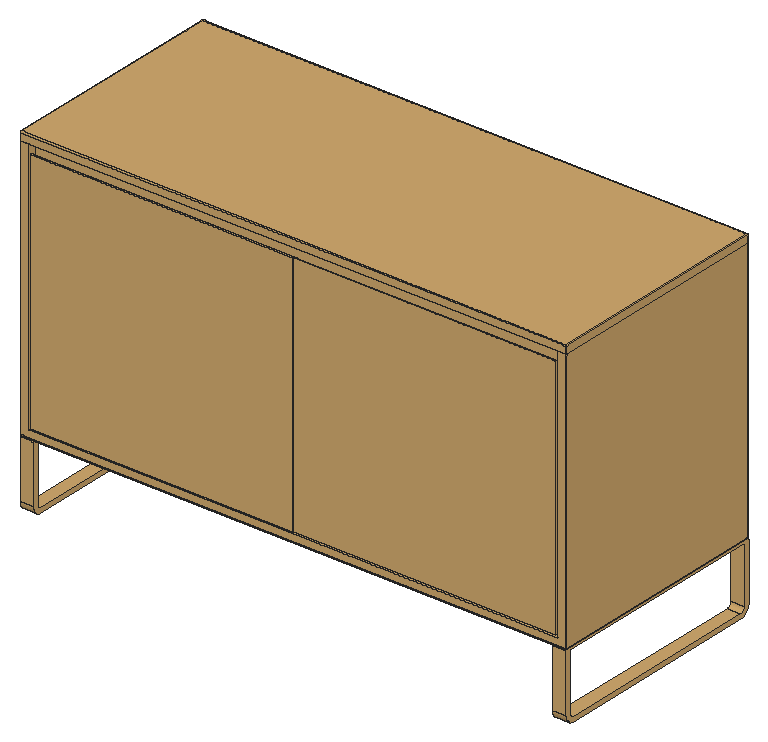
Revit family "NAU_Naughtone_OffcStrg_Sideboard", category Furniture, Revit 2015
Parameters (values of type "SB12")
  WorksurfaceArea = NominalLength * NominalWidth  # 0.60 m²
  WarrantyStartDate [instance] = "1900-12-31T23:59:59"
  WarrantyGuarantorParts = "sales@naughtone.com"
  WarrantyGuarantorLabor = "sales@naughtone.com"
  WarrantyDurationUnit = "year"
  WarrantyDurationParts = "5"
  WarrantyDurationLabor = "5"
  WarrantyDescription = "Request warranty information from naughtone"
  Version = "1"
  Uniclass2015Version = "Products v1.10"
  Uniclass2015Title = "Sideboards"
  Uniclass2015Code = "Pr_40_30_78_81"
  Uniclass2 = "n/a"
  URL = "www.naughtone.com"
  Type Comments = "Sideboard"
  TopMaterial [instance] = Metal-Paint_Finish-Matte_Orange
  TagNumber [instance] = "n/a"
  SustainabilityPerformance = "n/a"
  Style = "n/a"  # constant formula
  Sled Leg 1200mm = yes
  Sled Leg = no
  Size = "1200 x 500 x 750mm"
  Shape = "Rectangular"
  SerialNumber [instance] = "n/a"
  Revision = "1"
  ReplacementCost = "n/a"
  ProductInformation = "www.naughtone.com/products/sideboard/"
  NumberOfChairs = 0
  NominalWidth = 500 mm
  NominalLength = 1200 mm
  NominalHeight = 750 mm
  Name = "OfficeStorage_Sideboard_Naughtone\r\n"  # constant formula
  NBSTypeID = "n/a"
  NBSReference = "45-35-80/360"
  NBSOfficeMasterTag = "n/a"
  NBSDescription = "Office storage"
  ModelReference = "Sideboard 1200"
  ModelNumber = "SB12"
  Material = "n/a"
  ManufacturerURL = "www.naughtone.com"
  ManufacturerName = "Naughtone"  # constant formula
  ManufacturerAddress = "Knaresborough Tech Park, Manse Lane, Knaresborough, HG5 8LF"
  MainColor = Color  # "n/a"
  LegMaterial [instance] = Metal-Paint_Finish-Matte_Orange
  Keynote = Uniclass2015Code  # "Pr_40_30_78_81"
  InstallationDate [instance] = "1900-12-31T23:59:59"
  IfcExportType = "SIDEBOARD"
  IfcExportAs = "IfcFurnishingElementType"
  HasOpenDoors [instance] = no
  Model = ModelNumber  # "SB12"
  Manufacturer = "sales@naughtone.com"
  Grade = "n/a"
  Finish = "n/a"
  Features = "n/a"
  ExpectedLife = "n/a"
  DurationUnit = "year"
  DoorCtrl [instance] = if(HasOpenDoors, 30.00°, 0.00°)  # 0.00°
  Description = ModelReference  # "Sideboard 1200"
  Cost = 0
  ContactTelephoneNumber = "+44 1423 816500"
  ContactEmailAddress = "sales@naughtone.com"
  Constituents = "n/a"
  Color = "n/a"
  CodePerformance = "n/a"
  Category = "Pr_40_30_78_81 : Sideboards"
  CarcassMaterial [instance] = Metal-Paint_Finish-Matte_Orange
  Door 2000mm = no
  Hinge Frame 2000mm = no
  Hinge Frame 1600mm = no
  Door 1600mm = no
  Door 1200mm = yes
  BarCode [instance] = "n/a"
  BIMObjectName = "NAU_Naughtone_OfficeStorage_Sideboard"
  Author = "BIMBox"  # constant formula
  AssetType = "Movable"
  AssetIdentifier [instance] = "n/a"
  Assembly Code = "E2020200"
  Additional Materials = "Additional material and finish options available. Please contact Naughtone direct for further information."  # constant formula
  AccessibilityPerformance = "n/a"
Types (3, lengths in mm): name | WorksurfaceArea | Sled Leg 1200mm | Sled Leg | Size | NominalLength | ModelReference | ModelNumber | Model | Description | Door 2000mm | Hinge Frame 2000mm | Hinge Frame 1600mm | Door 1600mm | Door 1200mm
  SB20 | 1.00 m² | no | yes | "2000 x 500 x 750mm" | 2000 | "Sideboard 2000" | "SB20" | "SB20" | "Sideboard 2000" | yes | yes | no | no | no
  SB16 | 0.80 m² | no | yes | "1600 x 500 x 750mm" | 1600 | "Sideboard 1600" | "SB16" | "SB16" | "Sideboard 1600" | no | no | yes | yes | no
  SB12 | 0.60 m² | yes | no | "1200 x 500 x 750mm" | 1200 | "Sideboard 1200" | "SB12" | "SB12" | "Sideboard 1200" | no | no | no | no | yes
Reference planes
  plane 1 "Center (Front/Back)": y = 0
  plane 2: z = 0
  plane 3 "Center (Left/Right)": x = 0
  plane 4 "Left Side": x = -600
  plane 5 "Right Side": x = 600
  plane 6: y = 250
  plane 7 "Front Face": y = -250
  plane 8: z = 750
  plane 9 "Base of Unit": z = 150
  plane 10 "Left Leg": x = -570
  plane 11 "Leg Right": x = 570
  plane 12 "Centre Leg Left": x = -15
  plane 13 "Centre Leg Right": x = 15
  plane 14: z = 732
  plane 15: y = 232
  plane 16: y = -232
  plane 17: y = -214
  plane 18 "fRAME RIGHT": x = 582
  plane 19: x = 0
  plane 20 "Straight leg right": x = 525
  plane 21 "straight leg left": x = -525
  plane 22 "Straight leg back": y = 175
  plane 23 "Straight leg front": y = -175
Forms (mm)
  Extrusion 1, solid, material "Metal-Paint_Finish-Matte_Orange" <- "CarcassMaterial"
    sketch origin (0, 0, 150) x (-1, 0, 0) y (0, -1, 0)
      loop
        arc (598, -250) -> (599.414, -249.414) -> (600, -248) r 2
        line (600, -248) -> (600, 248)
        arc (600, 248) -> (599.414, 249.414) -> (598, 250) r 2
        line (598, 250) -> (-598, 250)
        arc (-598, 250) -> (-599.414, 249.414) -> (-600, 248) r 2
        line (-600, 248) -> (-600, -248)
        arc (-600, -248) -> (-599.414, -249.414) -> (-598, -250) r 2
        line (-598, -250) -> (598, -250)
    from 0 to 582
  Extrusion 2, solid, material "Metal-Paint_Finish-Matte_Orange" <- "CarcassMaterial", visible <- "Hinge Frame 2000mm"
    sketch origin (0, -250, 0) x (-1, 0, 0) y (0, 0, 1)
      loop
        line (9, 168) -> (9, 696) -> (-9, 696) -> (-9, 168) -> (9, 168)
    from 18 to 482
  Extrusion 3, solid, material "Metal-Paint_Finish-Matte_Orange" <- "TopMaterial"
    sketch origin (0, 0, 326) x (-1, 0, 0) y (0, -1, 0)
      loop
        arc (598, -250) -> (599.414, -249.414) -> (600, -248) r 2
        line (600, -248) -> (600, 248)
        arc (600, 248) -> (599.414, 249.414) -> (598, 250) r 2
        line (598, 250) -> (-598, 250)
        arc (-598, 250) -> (-599.414, 249.414) -> (-600, 248) r 2
        line (-600, 248) -> (-600, -248)
        arc (-600, -248) -> (-599.414, -249.414) -> (-598, -250) r 2
        line (-598, -250) -> (598, -250)
    from 406 to 424
  Extrusion 4, solid, material "Metal-Paint_Finish-Matte_Orange" <- "CarcassMaterial"
    sketch origin (0, -250, 0) x (-1, 0, 0) y (0, 0, 1)
      loop
        line (582, 732) -> (-582, 732) -> (-582, 696) -> (582, 696) -> (582, 732)
    from 18 to 36
  Extrusion 5, void
    sketch origin (0, -250, 0) x (-1, 0, 0) y (0, 0, 1)
      loop
        line (582, 168) -> (582, 732) -> (-582, 732) -> (-582, 168) -> (582, 168)
    from 0 to 482
  Extrusion 6, solid, material "Metal-Paint_Finish-Matte_Orange" <- "CarcassMaterial", visible <- "Hinge Frame 1600mm"
    sketch origin (0, -250, 0) x (-1, 0, 0) y (0, 0, 1)
      loop
        line (9, 696) -> (-9, 696) -> (-9, 168) -> (9, 168) -> (9, 696)
    from 18 to 482
  Extrusion 7, void
    sketch origin (0, -250, 0) x (-1, 0, 0) y (0, 0, 1)
      loop
        line (-600, 750) -> (-600, 748)
        arc (-600, 748) -> (-599.414, 749.414) -> (-598, 750) r 2
        line (-598, 750) -> (-600, 750)
    from 0 to 500
  Extrusion 8, void
    sketch origin (-600, 0, 0) x (0, 1, 0) y (0, 0, 1)
      loop
        arc (-250, 748) -> (-249.414, 749.414) -> (-248, 750) r 2
        line (-248, 750) -> (-250, 750) -> (-250, 748)
    from -19.734 to 2000
  Extrusion 9, void
    sketch origin (0, -250, 0) x (-1, 0, 0) y (0, 0, 1)
      loop
        line (-600, 150) -> (-598, 150)
        arc (-598, 150) -> (-599.414, 150.586) -> (-600, 152) r 2
        line (-600, 152) -> (-600, 150)
    from -36.248 to 525.248
  Extrusion 10, void
    sketch origin (0, -250, 0) x (-1, 0, 0) y (0, 0, 1)
      loop
        line (600, 150) -> (600, 152)
        arc (600, 152) -> (599.414, 150.586) -> (598, 150) r 2
        line (598, 150) -> (600, 150)
    from -17.365 to 511.974
  Extrusion 11, void
    sketch origin (0, -250, 0) x (-1, 0, 0) y (0, 0, 1)
      loop
        line (600, 750) -> (598, 750)
        arc (598, 750) -> (599.414, 749.414) -> (600, 748) r 2
        line (600, 748) -> (600, 750)
    from -17.108 to 517.467
  Extrusion 12, void
    sketch origin (-600, 0, 0) x (0, 1, 0) y (0, 0, 1)
      loop
        line (250, 748) -> (250, 750) -> (248, 750)
        arc (248, 750) -> (249.414, 749.414) -> (250, 748) r 2
    from -30.55 to 2013.534
  Extrusion 13, void
    sketch origin (-600, 0, 0) x (0, 1, 0) y (0, 0, 1)
      loop
        arc (-248, 150) -> (-249.414, 150.586) -> (-250, 152) r 2
        line (-250, 152) -> (-250, 150) -> (-248, 150)
    from -32.041 to 2030.241
  Extrusion 14, void
    sketch origin (-600, 0, 0) x (0, 1, 0) y (0, 0, 1)
      loop
        line (250, 150) -> (250, 152)
        arc (250, 152) -> (249.414, 150.586) -> (248, 150) r 2
        line (248, 150) -> (250, 150)
    from 0 to 2000
  Extrusion 15, void
    sketch origin (-1970, -250, 0) x (1, 0, 0) y (0, 0, -1)
      loop
        line (1400, -150) -> (1400, -148)
        arc (1400, -148) -> (1399.414, -149.414) -> (1398, -150) r 2
        line (1398, -150) -> (1400, -150)
    from 0 to 500
Cuts and joins
  Extrusion 5, Extrusion 9, Extrusion 10, Extrusion 13, Extrusion 14 cuts Extrusion 1
  Extrusion 13, Extrusion 14 cuts Extrusion 4
  joined: Extrusion 1, Extrusion 4
  Extrusion 7, Extrusion 8, Extrusion 11, Extrusion 12 cuts Extrusion 3
Dimensions and locks
  equal spacing: plane 4 "Left Side", plane 3 "Center (Left/Right)", plane 5 "Right Side"
  "NominalLength": plane 4 "Left Side" to plane 5 "Right Side"
  equal spacing: plane 6, plane 1 "Center (Front/Back)", plane 7 "Front Face"
  "NominalWidth": plane 6 to plane 7 "Front Face"
  plane 8 to level = 750 mm
  locked: plane 9 "Base of Unit" to level at 150
  locked: plane 5 "Right Side" to plane 11 "Leg Right" at 30
  locked: plane 10 "Left Leg" to plane 4 "Left Side" at 30
  equal spacing: plane 12 "Centre Leg Left", plane 3 "Center (Left/Right)", plane 13 "Centre Leg Right"
  locked: plane 8 to plane 14 at 18
  locked: plane 6 to plane 15 at 18
  locked: plane 16 to plane 7 "Front Face" at 18
  Extrusion 3 to Extrusion 4 sketch curve = 36 mm
  Extrusion 3 to Extrusion 4 = 36 mm
  locked: plane 18 "fRAME RIGHT" to plane 5 "Right Side" at 18
  locked: plane 5 "Right Side" to Extrusion 4 at 18
  locked: Extrusion 5 sketch curve to plane 4 "Left Side" at 18
  locked: plane 23 "Straight leg front" to plane 7 "Front Face" at 75
  locked: plane 20 "Straight leg right" to plane 5 "Right Side" at 75
  locked: plane 6 to plane 22 "Straight leg back" at 75
  locked: plane 4 "Left Side" to plane 21 "straight leg left" at 75
  equal spacing: plane 4 "Left Side", plane 19, plane 5 "Right Side"
  aligned and locked: level to plane 2
  aligned and locked: Extrusion 1 sketch curve to plane 6
  aligned and locked: plane 4 "Left Side" to Extrusion 1 sketch curve
  aligned and locked: plane 7 "Front Face" to Extrusion 1 sketch curve
  aligned and locked: Extrusion 1 sketch curve to plane 5 "Right Side"
  aligned and locked: plane 8 to Extrusion 3
  aligned and locked: Extrusion 3 to plane 14
  aligned and locked: plane 15 to Extrusion 2
  aligned and locked: Extrusion 2 to plane 16
  aligned and locked: Extrusion 4 sketch curve to plane 14
  aligned and locked: Extrusion 4 to plane 16
  aligned and locked: plane 17 to Extrusion 4
  aligned and locked: plane 5 "Right Side" to Extrusion 3
  aligned and locked: plane 18 "fRAME RIGHT" to Extrusion 4
  aligned and locked: Extrusion 5 sketch curve to plane 18 "fRAME RIGHT"
  aligned and locked: Extrusion 5 sketch curve to plane 14
  aligned and locked: plane 15 to Extrusion 5
  aligned and locked: plane 14 to cut or joined group of Extrusion 1, Extrusion 4, Extrusion 5, Extrusion 9, Extrusion 10, Extrusion 13, Extrusion 14
  aligned and locked: Extrusion 7 sketch curve to plane 5 "Right Side"
  aligned and locked: Extrusion 7 sketch curve to Extrusion 3
  aligned and locked: plane 4 "Left Side" to nested 10
Automatic sketch dimensions
  Extrusion 1 sketch curve to plane 5 "Right Side" = 2 mm
  Extrusion 1 sketch curve to Extrusion 1 sketch curve = 2 mm
  plane 4 "Left Side" to Extrusion 1 sketch curve = 2 mm  (x2)
  Extrusion 2 sketch curve to plane 13 "Centre Leg Right" = 6 mm
  plane 12 "Centre Leg Left" to Extrusion 2 sketch curve = 6 mm
  plane 9 "Base of Unit" to Extrusion 2 sketch curve = 18 mm
  Extrusion 2 sketch curve to plane 14 = 36 mm
  Extrusion 3 sketch curve to plane 7 "Front Face" = 0 mm
  Extrusion 3 sketch curve to plane 6 = 0 mm
  Extrusion 3 sketch curve to plane 5 "Right Side" = 2 mm  (x2)
  plane 4 "Left Side" to Extrusion 3 sketch curve = 2 mm  (x2)
  Extrusion 4 sketch curve to plane 18 "fRAME RIGHT" = 0 mm
  Extrusion 4 sketch curve to plane 10 "Left Leg" = 12 mm
  plane 9 "Base of Unit" to Extrusion 5 sketch curve = 18 mm
  Extrusion 6 sketch curve to plane 19 = 9 mm
  plane 19 to Extrusion 6 sketch curve = 9 mm
  plane 9 "Base of Unit" to Extrusion 6 sketch curve = 18 mm
  Extrusion 6 sketch curve to plane 14 = 36 mm
  Extrusion 7 sketch curve to Extrusion 7 sketch curve = 2 mm
  Extrusion 7 sketch curve to Extrusion 7 sketch curve = 0 mm
  Extrusion 8 sketch curve to plane 7 "Front Face" = 0 mm  (x2)
  Extrusion 8 sketch curve to plane 8 = 0 mm  (x2)
  plane 7 "Front Face" to Extrusion 8 sketch curve = 2 mm
  Extrusion 8 sketch curve to Extrusion 8 sketch curve = 0 mm  (x2)
  Extrusion 9 sketch curve to plane 5 "Right Side" = 0 mm
  Extrusion 9 sketch curve to plane 9 "Base of Unit" = 0 mm
  Extrusion 9 sketch curve to plane 5 "Right Side" = 2 mm
  Extrusion 10 sketch curve to plane 9 "Base of Unit" = 0 mm
  Extrusion 10 sketch curve to plane 4 "Left Side" = 0 mm
  plane 4 "Left Side" to Extrusion 10 sketch curve = 2 mm
  Extrusion 11 sketch curve to plane 8 = 0 mm  (x2)
  Extrusion 11 sketch curve to plane 4 "Left Side" = 0 mm
  Extrusion 11 sketch curve to Extrusion 11 sketch curve = 2 mm
  Extrusion 11 sketch curve to Extrusion 11 sketch curve = 0 mm
  Extrusion 12 sketch curve to plane 8 = 0 mm  (x2)
  Extrusion 12 sketch curve to plane 6 = 0 mm  (x2)
  Extrusion 12 sketch curve to Extrusion 12 sketch curve = 2 mm
  Extrusion 12 sketch curve to Extrusion 12 sketch curve = 0 mm  (x2)
  Extrusion 13 sketch curve to plane 7 "Front Face" = 0 mm  (x2)
  Extrusion 13 sketch curve to plane 9 "Base of Unit" = 0 mm  (x2)
  plane 7 "Front Face" to Extrusion 13 sketch curve = 2 mm
  Extrusion 13 sketch curve to Extrusion 13 sketch curve = 0 mm  (x2)
  Extrusion 14 sketch curve to plane 9 "Base of Unit" = 0 mm  (x2)
  Extrusion 14 sketch curve to plane 6 = 0 mm  (x2)
  Extrusion 14 sketch curve to Extrusion 14 sketch curve = 2 mm
  Extrusion 14 sketch curve to Extrusion 14 sketch curve = 0 mm  (x2)
  Extrusion 15 sketch curve to plane 9 "Base of Unit" = 0 mm
  Extrusion 15 sketch curve to plane 10 "Left Leg" = 0 mm
  Extrusion 15 sketch curve to Extrusion 15 sketch curve = 2 mm
  Extrusion 3 sketch curve to plane 5 "Right Side" = 0 mm
  Extrusion 3 sketch curve to plane 4 "Left Side" = 0 mm
Nested families
  nested 1: "Sideboard-517mm_Closed_Door_Left" at (-779, -250, 0), Material Carcase & Doors <- "CarcassMaterial", visible <- "Door 1600mm", Open / Close <- "DoorCtrl", type "Sideboard-517mm_Closed_Door_Left"
    with Open / Close 0.00°, Material Carcase & Doors Metal-Paint_Finish-Matte_Orange, Frame Length 517 mm
  nested 2: "Sideboard-517mm_Open-Close_Door_Right" at (779, -250, 0), Material Carcase & Doors <- "CarcassMaterial", visible <- "Door 1600mm", Open / Close <- "DoorCtrl", type "Sideboard-517mm_Open-Close_Door_Right"
    with Open / Close 0.00°, Material Carcase & Doors Metal-Paint_Finish-Matte_Orange, Frame Length 517 mm
  nested 3: "Sideboard-517mm_Open-Close_Door_Right" at (258.25, -250, 0), Material Carcase & Doors <- "CarcassMaterial", visible <- "Door 1600mm", Open / Close <- "DoorCtrl", type "Sideboard-517mm_Open-Close_Door_Right"
    with Open / Close 0.00°, Material Carcase & Doors Metal-Paint_Finish-Matte_Orange, Frame Length 517 mm
  nested 4: "Sideboard-486mm_Closed_Door_Left" at (3, -250, 0), Material Carcase & Doors <- "CarcassMaterial", visible <- "Door 2000mm", Open / Close <- "DoorCtrl", type "Sideboard-486mm_Closed_Door_Left"
    with Open / Close 0.00°, Material Carcase & Doors Metal-Paint_Finish-Matte_Orange, Frame Length 486 mm
  nested 5: "Sideboard-486mm_Closed_Door_Left" at (-978, -250, 0), Material Carcase & Doors <- "CarcassMaterial", visible <- "Door 2000mm", Open / Close <- "DoorCtrl", type "Sideboard-486mm_Closed_Door_Left"
    with Open / Close 0.00°, Material Carcase & Doors Metal-Paint_Finish-Matte_Orange, Frame Length 486 mm
  nested 6: "Sideboard-486mm_Open-Close_Door_Right" at (-3, -250, 0), Material Carcase & Doors <- "CarcassMaterial", visible <- "Door 2000mm", Open / Close <- "DoorCtrl", type "Sideboard-486mm_Open-Close_Door_Right"
    with Open / Close 0.00°, Material Carcase & Doors Metal-Paint_Finish-Matte_Orange, Frame Length 486 mm
  nested 7: "Sideboard-486mm_Open-Close_Door_Right" at (978, -250, 0), Material Carcase & Doors <- "CarcassMaterial", visible <- "Door 2000mm", Open / Close <- "DoorCtrl", type "Sideboard-486mm_Open-Close_Door_Right"
    with Open / Close 0.00°, Material Carcase & Doors Metal-Paint_Finish-Matte_Orange, Frame Length 486 mm
  nested 8: "Sideboard-577mm_Closed_Door_Left" at (-578, -250, 0), visible <- "Door 1200mm", Material Carcase & Doors <- "CarcassMaterial", Open / Close <- "DoorCtrl", type "Sideboard-577mm_Closed_Door_Left"
    with Open / Close 0.00°, Material Carcase & Doors Metal-Paint_Finish-Matte_Orange, Frame Length 577 mm
  nested 9: "Sideboard-577mm_Open-Close_Door_Right" at (578, -250, 0), visible <- "Door 1200mm", Material Carcase & Doors <- "CarcassMaterial", Open / Close <- "DoorCtrl", type "Sideboard-577mm_Open-Close_Door_Right"
    with Open / Close 0.00°, Material Carcase & Doors Metal-Paint_Finish-Matte_Orange, Frame Length 577 mm
  nested 10: "Sled Base" at (-600, -250, 0), visible <- "Sled Leg", Material Feet/Bracket <- "LegMaterial", Length <- "NominalLength", Depth <- "NominalWidth", type "Sled Base"
    with Material Feet/Bracket Metal-Paint_Finish-Matte_Orange, Length 1200 mm, Depth 500 mm
  nested 11: "Sled Base 1200mm" at (-600, -250, 0), visible <- "Sled Leg 1200mm", Material Feet/Bracket <- "LegMaterial", type "Sled Base 1200mm"
    with Material Feet/Bracket Metal-Paint_Finish-Matte_Orange, Length 1200 mm, Depth 500 mm
Definition of nested family "Sideboard-517mm_Closed_Door_Left"
  Parameters
    Open / Close [instance] = 30.00°
    Material Carcase & Doors [instance] = none
    Frame Length [instance] = 517 mm
  Reference planes
    plane 1 "Center (Front/Back)": y = 0
    plane 2: z = 0
    plane 3 "Center (Left/Right)": x = 0
    plane 4 "Door Bottom": z = 172
    plane 5: z = 714
  Forms (mm)
    Extrusion 1, solid, material <- "Material Carcase & Doors"
      sketch origin (447.735, -258.5, 0) x (-0.866025, 0.5, 0) y (-0.5, -0.866025, 0)
        loop
          line (0, 0) -> (0, -16) -> (517, -16) -> (517, 0) -> (0, 0)
      from 172 to 714
    Extrusion 2, void
      sketch origin (8, 13.856, 0) x (0.5, 0.866025, 0) y (0, 0, 1)
        loop
          line (9, 685.601) -> (9, 720) -> (-16, 720) -> (-16, 711.662)
          arc (-16, 711.662) -> (-13.904, 711.356) -> (-12.123, 710.209) r 5
          line (-12.123, 710.209) -> (9, 685.601)
      from -16.488 to 601.724
  Cuts and joins
    Extrusion 2 cuts Extrusion 1
  Lines and regions (mm)
    reference lines
      curve 1: line (447.735, -258.5, 0) -> (0, 0, 0)
  Dimensions and locks
    "Frame Length": curve 1 to curve 1
    locked: plane 5 to plane 4 "Door Bottom" at 542
    plane 4 "Door Bottom" to level = 172 mm
    "Open / Close": angle curve 1 to plane 1 "Center (Front/Back)"
    aligned and locked: level to plane 2
    aligned and locked: plane 3 "Center (Left/Right)" to curve 1
    aligned and locked: plane 1 "Center (Front/Back)" to curve 1
    aligned and locked: plane 4 "Door Bottom" to Extrusion 1
    aligned and locked: plane 5 to Extrusion 1
  Automatic sketch dimensions
    Extrusion 1 sketch curve to curve 1 = 0 mm  (x3)
    Extrusion 1 sketch curve to curve 1 = 16 mm
    Extrusion 1 to Extrusion 2 sketch curve = 6 mm
    Extrusion 2 sketch curve to Extrusion 1 = 0 mm
    Extrusion 2 sketch curve to Extrusion 1 = 0.341 mm
    Extrusion 2 sketch curve to Extrusion 1 = 3.877 mm
    Extrusion 1 to Extrusion 2 sketch curve = 9 mm
    Extrusion 2 sketch curve to Extrusion 1 = 2.338 mm
    Extrusion 2 sketch curve to Extrusion 2 sketch curve = 1.453 mm
    Extrusion 2 sketch curve to Extrusion 2 sketch curve = 24.608 mm
Definition of nested family "Sideboard-517mm_Open-Close_Door_Right"
  Parameters
    Open / Close [instance] = 10.00°
    Material Carcase & Doors [instance] = none
    Frame Length [instance] = 517 mm
    Door Base = 172 mm
  Reference planes
    plane 1 "Center (Front/Back)": y = 0
    plane 2: z = 0
    plane 3 "Center (Left/Right)": x = 0
    plane 4: z = 172
    plane 5: z = 714
  Forms (mm)
    Extrusion 1, solid, material <- "Material Carcase & Doors"
      sketch origin (-3.126, 17.727, 0) x (-0.984808, -0.173648, 0) y (0.173648, -0.984808, 0)
        loop
          line (0, 2) -> (517, 2) -> (517, 18) -> (0, 18) -> (0, 2)
      from 172 to 714
    Extrusion 2, void
      sketch origin (-511.924, -74.019, 0) x (0.173648, -0.984808, 0) y (0, 0, 1)
        loop
          line (-4.089, 725.425) -> (-4.089, 691.34) -> (12.034, 710.123)
          arc (12.034, 710.123) -> (13.815, 711.27) -> (15.911, 711.576) r 5
          line (15.911, 711.576) -> (15.911, 725.425) -> (-4.089, 725.425)
      from -570.748 to 48.214
  Cuts and joins
    Extrusion 2 cuts Extrusion 1
  Lines and regions (mm)
    reference lines
      curve 1: line (0, 0, 0) -> (-509.146, -89.776, 0)
  Dimensions and locks
    "Frame Length": curve 1 to curve 1
    "Door Base": plane 4 to level
    "Open / Close": angle plane 1 "Center (Front/Back)" to curve 1
    aligned and locked: level to plane 2
    aligned and locked: plane 1 "Center (Front/Back)" to curve 1
    aligned and locked: plane 3 "Center (Left/Right)" to curve 1
    aligned and locked: Extrusion 1 sketch curve to curve 1  (x2)
    aligned and locked: plane 5 to Extrusion 1
    aligned and locked: Extrusion 1 to plane 4
  Automatic sketch dimensions
    curve 1 to Extrusion 1 sketch curve = 16 mm
    curve 1 to Extrusion 1 sketch curve = 0 mm
    Extrusion 1 to Extrusion 2 sketch curve = 4.089 mm
    Extrusion 2 sketch curve to Extrusion 1 = 3.966 mm
    Extrusion 2 sketch curve to Extrusion 1 = 0.43 mm
    Extrusion 2 sketch curve to Extrusion 1 = 0.089 mm
    Extrusion 1 to Extrusion 2 sketch curve = 22.66 mm
    Extrusion 1 to Extrusion 2 sketch curve = 7.413 mm
    Extrusion 1 to Extrusion 2 sketch curve = 3.877 mm
    Extrusion 2 sketch curve to Extrusion 1 = 11.425 mm
Definition of nested family "Sideboard-486mm_Closed_Door_Left"
  Parameters
    Open / Close [instance] = 30.00°
    Material Carcase & Doors [instance] = none
    Frame Length [instance] = 486 mm
  Reference planes
    plane 1 "Center (Front/Back)": y = 0
    plane 2: z = 0
    plane 3 "Center (Left/Right)": x = 0
    plane 4 "Door Bottom": z = 172
    plane 5: z = 714
  Forms (mm)
    Extrusion 1, solid, material <- "Material Carcase & Doors"
      sketch origin (420.888, -243, 0) x (-0.866025, 0.5, 0) y (-0.5, -0.866025, 0)
        loop
          line (0, 0) -> (0, -16) -> (486, -16) -> (486, 0) -> (0, 0)
      from 172 to 714
    Extrusion 2, void
      sketch origin (8, 13.856, 0) x (0.5, 0.866025, 0) y (0, 0, 1)
        loop
          line (9, 685.601) -> (9, 720) -> (-16, 720) -> (-16, 711.662)
          arc (-16, 711.662) -> (-13.904, 711.356) -> (-12.123, 710.209) r 5
          line (-12.123, 710.209) -> (9, 685.601)
      from -16.488 to 601.724
  Cuts and joins
    Extrusion 2 cuts Extrusion 1
  Lines and regions (mm)
    reference lines
      curve 1: line (420.888, -243, 0) -> (0, 0, 0)
  Dimensions and locks
    "Frame Length": curve 1 to curve 1
    locked: plane 5 to plane 4 "Door Bottom" at 542
    plane 4 "Door Bottom" to level = 172 mm
    "Open / Close": angle curve 1 to plane 1 "Center (Front/Back)"
    aligned and locked: level to plane 2
    aligned and locked: plane 3 "Center (Left/Right)" to curve 1
    aligned and locked: plane 1 "Center (Front/Back)" to curve 1
    aligned and locked: plane 4 "Door Bottom" to Extrusion 1
    aligned and locked: plane 5 to Extrusion 1
  Automatic sketch dimensions
    Extrusion 1 sketch curve to curve 1 = 0 mm  (x3)
    Extrusion 1 sketch curve to curve 1 = 16 mm
    Extrusion 1 to Extrusion 2 sketch curve = 6 mm
    Extrusion 2 sketch curve to Extrusion 1 = 0 mm
    Extrusion 2 sketch curve to Extrusion 1 = 0.341 mm
    Extrusion 2 sketch curve to Extrusion 1 = 3.877 mm
    Extrusion 1 to Extrusion 2 sketch curve = 9 mm
    Extrusion 2 sketch curve to Extrusion 1 = 2.338 mm
    Extrusion 2 sketch curve to Extrusion 2 sketch curve = 1.453 mm
    Extrusion 2 sketch curve to Extrusion 2 sketch curve = 24.608 mm
Definition of nested family "Sideboard-486mm_Open-Close_Door_Right"
  Parameters
    Open / Close [instance] = 45.00°
    Material Carcase & Doors [instance] = none
    Frame Length [instance] = 486 mm
    Door Base = 172 mm
  Reference planes
    plane 1 "Center (Front/Back)": y = 0
    plane 2: z = 0
    plane 3 "Center (Left/Right)": x = 0
    plane 4: z = 172
    plane 5: z = 714
  Forms (mm)
    Extrusion 1, solid, material <- "Material Carcase & Doors"
      sketch origin (-12.728, 12.728, 0) x (-0.707107, -0.707107, 0) y (0.707107, -0.707107, 0)
        loop
          line (0, 2) -> (486, 2) -> (486, 18) -> (0, 18) -> (0, 2)
      from 172 to 714
    Extrusion 2, void
      sketch origin (-356.382, -330.926, 0) x (0.707107, -0.707107, 0) y (0, 0, 1)
        loop
          line (1.911, 714) -> (1.911, 696) -> (14.034, 710.123)
          arc (14.034, 710.123) -> (15.815, 711.27) -> (17.911, 711.576) r 5
          line (17.911, 711.576) -> (17.911, 714) -> (1.911, 714)
      from -486 to 0
  Cuts and joins
    Extrusion 2 cuts Extrusion 1
  Lines and regions (mm)
    reference lines
      curve 1: line (0, 0, 0) -> (-343.654, -343.654, 0)
  Dimensions and locks
    "Frame Length": curve 1 to curve 1
    "Door Base": plane 4 to level
    "Open / Close": angle plane 1 "Center (Front/Back)" to curve 1
    aligned and locked: level to plane 2
    aligned and locked: plane 1 "Center (Front/Back)" to curve 1
    aligned and locked: plane 3 "Center (Left/Right)" to curve 1
    aligned and locked: Extrusion 1 sketch curve to curve 1  (x2)
    aligned and locked: plane 5 to Extrusion 1
    aligned and locked: Extrusion 1 to plane 4
  Automatic sketch dimensions
    curve 1 to Extrusion 1 sketch curve = 16 mm
    curve 1 to Extrusion 1 sketch curve = 0 mm
    Extrusion 2 sketch curve to Extrusion 1 = 0 mm
    Extrusion 2 sketch curve to Extrusion 1 = 0.089 mm
    Extrusion 1 to Extrusion 2 sketch curve = 0.089 mm
    Extrusion 1 to Extrusion 2 sketch curve = 2.424 mm
    Extrusion 2 sketch curve to Extrusion 1 = 0.43 mm
    Extrusion 2 sketch curve to Extrusion 2 sketch curve = 4.988 mm
    Extrusion 1 to Extrusion 2 sketch curve = 3.877 mm
    Extrusion 1 to Extrusion 2 sketch curve = 18 mm
Definition of nested family "Sideboard-577mm_Closed_Door_Left"
  Parameters
    Open / Close [instance] = 30.00°
    Material Carcase & Doors [instance] = none
    Frame Length [instance] = 577 mm
  Reference planes
    plane 1 "Center (Front/Back)": y = 0
    plane 2: z = 0
    plane 3 "Center (Left/Right)": x = 0
    plane 4 "Door Bottom": z = 172
    plane 5: z = 714
  Forms (mm)
    Extrusion 1, solid, material <- "Material Carcase & Doors"
      sketch origin (499.697, -288.5, 0) x (-0.866025, 0.5, 0) y (-0.5, -0.866025, 0)
        loop
          line (0, 0) -> (0, -16) -> (577, -16) -> (577, 0) -> (0, 0)
      from 172 to 714
    Extrusion 2, void
      sketch origin (8, 13.856, 0) x (0.5, 0.866025, 0) y (0, 0, 1)
        loop
          line (9, 685.601) -> (9, 720) -> (-16, 720) -> (-16, 711.662)
          arc (-16, 711.662) -> (-13.904, 711.356) -> (-12.123, 710.209) r 5
          line (-12.123, 710.209) -> (9, 685.601)
      from -16.488 to 601.724
  Cuts and joins
    Extrusion 2 cuts Extrusion 1
  Lines and regions (mm)
    reference lines
      curve 1: line (499.697, -288.5, 0) -> (0, 0, 0)
  Dimensions and locks
    "Frame Length": curve 1 to curve 1
    locked: plane 5 to plane 4 "Door Bottom" at 542
    plane 4 "Door Bottom" to level = 172 mm
    "Open / Close": angle curve 1 to plane 1 "Center (Front/Back)"
    aligned and locked: level to plane 2
    aligned and locked: plane 3 "Center (Left/Right)" to curve 1
    aligned and locked: plane 1 "Center (Front/Back)" to curve 1
    aligned and locked: plane 4 "Door Bottom" to Extrusion 1
    aligned and locked: plane 5 to Extrusion 1
  Automatic sketch dimensions
    Extrusion 1 sketch curve to curve 1 = 0 mm  (x3)
    Extrusion 1 sketch curve to curve 1 = 16 mm
    Extrusion 1 to Extrusion 2 sketch curve = 6 mm
    Extrusion 2 sketch curve to Extrusion 1 = 0 mm
    Extrusion 2 sketch curve to Extrusion 1 = 0.341 mm
    Extrusion 2 sketch curve to Extrusion 1 = 3.877 mm
    Extrusion 1 to Extrusion 2 sketch curve = 9 mm
    Extrusion 2 sketch curve to Extrusion 1 = 2.338 mm
    Extrusion 2 sketch curve to Extrusion 2 sketch curve = 1.453 mm
    Extrusion 2 sketch curve to Extrusion 2 sketch curve = 24.608 mm
Definition of nested family "Sideboard-577mm_Open-Close_Door_Right"
  Parameters
    Open / Close [instance] = 40.00°
    Material Carcase & Doors [instance] = none
    Frame Length [instance] = 577 mm
    Door Base = 172 mm
  Reference planes
    plane 1 "Center (Front/Back)": y = 0
    plane 2: z = 0
    plane 3 "Center (Left/Right)": x = 0
    plane 4: z = 172
    plane 5: z = 714
  Forms (mm)
    Extrusion 1, solid, material <- "Material Carcase & Doors"
      sketch origin (-11.57, 13.789, 0) x (-0.766044, -0.642788, 0) y (0.642788, -0.766044, 0)
        loop
          line (0, 2) -> (577, 2) -> (577, 18) -> (0, 18) -> (0, 2)
      from 172 to 714
    Extrusion 2, void
      sketch origin (-452.292, -358.632, 0) x (0.642788, -0.766044, 0) y (0, 0, 1)
        loop
          line (-9.089, 719.914) -> (-9.089, 685.515) -> (12.034, 710.123)
          arc (12.034, 710.123) -> (13.815, 711.27) -> (15.911, 711.576) r 5
          line (15.911, 711.576) -> (15.911, 719.914) -> (-9.089, 719.914)
      from -644.597 to 48.214
  Cuts and joins
    Extrusion 2 cuts Extrusion 1
  Lines and regions (mm)
    reference lines
      curve 1: line (0, 0, 0) -> (-442.008, -370.888, 0)
  Dimensions and locks
    "Frame Length": curve 1 to curve 1
    "Door Base": plane 4 to level
    "Open / Close": angle plane 1 "Center (Front/Back)" to curve 1
    aligned and locked: level to plane 2
    aligned and locked: plane 1 "Center (Front/Back)" to curve 1
    aligned and locked: plane 3 "Center (Left/Right)" to curve 1
    aligned and locked: Extrusion 1 sketch curve to curve 1  (x2)
    aligned and locked: plane 5 to Extrusion 1
    aligned and locked: Extrusion 1 to plane 4
  Automatic sketch dimensions
    curve 1 to Extrusion 1 sketch curve = 16 mm
    curve 1 to Extrusion 1 sketch curve = 0 mm
    Extrusion 1 to Extrusion 2 sketch curve = 9.089 mm
    Extrusion 2 sketch curve to Extrusion 1 = 3.966 mm
    Extrusion 2 sketch curve to Extrusion 1 = 0.43 mm
    Extrusion 2 sketch curve to Extrusion 1 = 0.089 mm
    Extrusion 1 to Extrusion 2 sketch curve = 28.485 mm
    Extrusion 1 to Extrusion 2 sketch curve = 7.413 mm
    Extrusion 1 to Extrusion 2 sketch curve = 3.877 mm
    Extrusion 2 sketch curve to Extrusion 1 = 5.914 mm
Definition of nested family "Sled Base"
  Parameters
    Material Feet/Bracket [instance] = none
    Length [instance] = 2000 mm
    Depth [instance] = 500 mm
  Reference planes
    plane 1 "Center (Front/Back)": y = 0
    plane 2: z = 0
    plane 3 "Center (Left/Right)": x = 0
    plane 4: x = 2000
    plane 5: y = 500
    plane 6: x = 30
    plane 7: x = 1970
    plane 8: x = 1000
    plane 9: x = 1015
    plane 10: x = 985
    plane 11: z = 150
  Forms (mm)
    Extrusion 1, solid, material <- "Material Feet/Bracket"
      sketch origin (0, 0, 0) x (0, 1, 0) y (0, 0, 1)
        loop
          line (498, 150) -> (2, 150)
          arc (2, 150) -> (0.586, 149.414) -> (0, 148) r 2
          line (0, 148) -> (0, 20)
          arc (0, 20) -> (5.858, 5.858) -> (20, 0) r 20
          line (20, 0) -> (480, 0)
          arc (480, 0) -> (494.142, 5.858) -> (500, 20) r 20
          line (500, 20) -> (500, 148)
          arc (500, 148) -> (499.414, 149.414) -> (498, 150) r 2
        loop
          line (490, 20) -> (490, 145) -> (10, 145) -> (10, 20)
          arc (10, 20) -> (12.929, 12.929) -> (20, 10) r 10
          line (20, 10) -> (480, 10)
          arc (480, 10) -> (487.071, 12.929) -> (490, 20) r 10
      from 0 to 30
    Extrusion 2, solid, material <- "Material Feet/Bracket"
      sketch origin (985, 0, 0) x (0, 1, 0) y (0, 0, 1)
        loop
          line (498, 150) -> (2, 150)
          arc (2, 150) -> (0.586, 149.414) -> (0, 148) r 2
          line (0, 148) -> (0, 20)
          arc (0, 20) -> (5.858, 5.858) -> (20, 0) r 20
          line (20, 0) -> (480, 0)
          arc (480, 0) -> (494.142, 5.858) -> (500, 20) r 20
          line (500, 20) -> (500, 148)
          arc (500, 148) -> (499.414, 149.414) -> (498, 150) r 2
        loop
          line (490, 20) -> (490, 145) -> (10, 145) -> (10, 20)
          arc (10, 20) -> (12.929, 12.929) -> (20, 10) r 10
          line (20, 10) -> (480, 10)
          arc (480, 10) -> (487.071, 12.929) -> (490, 20) r 10
      from 0 to 30
    Extrusion 3, solid, material <- "Material Feet/Bracket"
      sketch origin (1970, 0, 0) x (0, 1, 0) y (0, 0, 1)
        loop
          line (498, 150) -> (2, 150)
          arc (2, 150) -> (0.586, 149.414) -> (0, 148) r 2
          line (0, 148) -> (0, 20)
          arc (0, 20) -> (5.858, 5.858) -> (20, 0) r 20
          line (20, 0) -> (480, 0)
          arc (480, 0) -> (494.142, 5.858) -> (500, 20) r 20
          line (500, 20) -> (500, 148)
          arc (500, 148) -> (499.414, 149.414) -> (498, 150) r 2
        loop
          line (490, 20) -> (490, 145) -> (10, 145) -> (10, 20)
          arc (10, 20) -> (12.929, 12.929) -> (20, 10) r 10
          line (20, 10) -> (480, 10)
          arc (480, 10) -> (487.071, 12.929) -> (490, 20) r 10
      from 0 to 30
  Dimensions and locks
    plane 11 to level = 150 mm
    "Length": plane 3 "Center (Left/Right)" to plane 4
    "Depth": plane 1 "Center (Front/Back)" to plane 5
    equal spacing: plane 3 "Center (Left/Right)", plane 8, plane 4
    equal spacing: plane 10, plane 8, plane 9
    locked: plane 7 to plane 4 at 30
    locked: plane 10 to plane 9 at 30
    aligned and locked: level to plane 2
    aligned and locked: Extrusion 2 to plane 10
    aligned and locked: plane 9 to Extrusion 2
    aligned and locked: plane 4 to Extrusion 3
    aligned and locked: Extrusion 3 to plane 7
    aligned and locked: plane 10 to Extrusion 2
    aligned and locked: Extrusion 2 to plane 9
  Automatic sketch dimensions
    Extrusion 1 sketch curve to Extrusion 1 sketch curve = 0 mm  (x4)
    Extrusion 1 sketch curve to plane 1 "Center (Front/Back)" = 0 mm
    Extrusion 1 sketch curve to plane 11 = 0 mm
    Extrusion 1 sketch curve to level = 0 mm
    Extrusion 1 sketch curve to plane 5 = 0 mm
    Extrusion 1 sketch curve to Extrusion 1 sketch curve = 2 mm  (x2)
    Extrusion 1 sketch curve to Extrusion 1 sketch curve = 8 mm
    Extrusion 1 sketch curve to Extrusion 1 sketch curve = 10 mm
    plane 5 to Extrusion 1 sketch curve = 20 mm
    Extrusion 1 sketch curve to plane 11 = 5 mm
    Extrusion 2 sketch curve to Extrusion 2 sketch curve = 0 mm  (x4)
    Extrusion 2 sketch curve to plane 1 "Center (Front/Back)" = 0 mm
    Extrusion 2 sketch curve to plane 11 = 0 mm
    Extrusion 2 sketch curve to level = 0 mm
    Extrusion 2 sketch curve to plane 5 = 0 mm
    Extrusion 2 sketch curve to plane 1 "Center (Front/Back)" = 2 mm
    Extrusion 2 sketch curve to Extrusion 2 sketch curve = 8 mm
    Extrusion 2 sketch curve to Extrusion 2 sketch curve = 10 mm
    plane 5 to Extrusion 2 sketch curve = 20 mm
    Extrusion 2 sketch curve to Extrusion 2 sketch curve = 2 mm
    Extrusion 2 sketch curve to plane 11 = 5 mm
    Extrusion 3 sketch curve to Extrusion 3 sketch curve = 0 mm  (x4)
    Extrusion 3 sketch curve to plane 1 "Center (Front/Back)" = 0 mm
    Extrusion 3 sketch curve to plane 11 = 0 mm
    Extrusion 3 sketch curve to level = 0 mm
    Extrusion 3 sketch curve to plane 5 = 0 mm
    Extrusion 3 sketch curve to plane 1 "Center (Front/Back)" = 2 mm
    Extrusion 3 sketch curve to Extrusion 3 sketch curve = 8 mm
    Extrusion 3 sketch curve to Extrusion 3 sketch curve = 10 mm
    plane 5 to Extrusion 3 sketch curve = 20 mm
    Extrusion 3 sketch curve to Extrusion 3 sketch curve = 2 mm
    Extrusion 3 sketch curve to plane 11 = 5 mm
Definition of nested family "Sled Base 1200mm"
  Parameters
    Material Feet/Bracket [instance] = none
    Length [instance] = 1200 mm
    Depth [instance] = 500 mm
  Reference planes
    plane 1 "Center (Front/Back)": y = 0
    plane 2: z = 0
    plane 3 "Center (Left/Right)": x = 0
    plane 4: x = 1200
    plane 5: y = 500
    plane 6: x = 30
    plane 7: x = 1170
    plane 8: x = 600
    plane 9: z = 150
  Forms (mm)
    Extrusion 1, solid, material <- "Material Feet/Bracket"
      sketch origin (0, 0, 0) x (0, 1, 0) y (0, 0, 1)
        loop
          line (498, 150) -> (2, 150)
          arc (2, 150) -> (0.586, 149.414) -> (0, 148) r 2
          line (0, 148) -> (0, 20)
          arc (0, 20) -> (5.858, 5.858) -> (20, 0) r 20
          line (20, 0) -> (480, 0)
          arc (480, 0) -> (494.142, 5.858) -> (500, 20) r 20
          line (500, 20) -> (500, 148)
          arc (500, 148) -> (499.414, 149.414) -> (498, 150) r 2
        loop
          line (490, 20) -> (490, 145) -> (10, 145) -> (10, 20)
          arc (10, 20) -> (12.929, 12.929) -> (20, 10) r 10
          line (20, 10) -> (480, 10)
          arc (480, 10) -> (487.071, 12.929) -> (490, 20) r 10
      from 0 to 30
    Extrusion 2, solid, material <- "Material Feet/Bracket"
      sketch origin (1970, 0, 0) x (0, 1, 0) y (0, 0, 1)
        loop
          line (498, 150) -> (2, 150)
          arc (2, 150) -> (0.586, 149.414) -> (0, 148) r 2
          line (0, 148) -> (0, 20)
          arc (0, 20) -> (5.858, 5.858) -> (20, 0) r 20
          line (20, 0) -> (480, 0)
          arc (480, 0) -> (494.142, 5.858) -> (500, 20) r 20
          line (500, 20) -> (500, 148)
          arc (500, 148) -> (499.414, 149.414) -> (498, 150) r 2
        loop
          line (490, 20) -> (490, 145) -> (10, 145) -> (10, 20)
          arc (10, 20) -> (12.929, 12.929) -> (20, 10) r 10
          line (20, 10) -> (480, 10)
          arc (480, 10) -> (487.071, 12.929) -> (490, 20) r 10
      from -800 to -770
  Dimensions and locks
    plane 9 to level = 150 mm
    "Length": plane 3 "Center (Left/Right)" to plane 4
    "Depth": plane 1 "Center (Front/Back)" to plane 5
    equal spacing: plane 3 "Center (Left/Right)", plane 8, plane 4
    locked: plane 7 to plane 4 at 30
    aligned and locked: level to plane 2
    aligned and locked: plane 4 to Extrusion 2
    aligned and locked: Extrusion 2 to plane 7
  Automatic sketch dimensions
    Extrusion 1 sketch curve to Extrusion 1 sketch curve = 0 mm  (x4)
    Extrusion 1 sketch curve to plane 1 "Center (Front/Back)" = 0 mm
    Extrusion 1 sketch curve to plane 9 = 0 mm
    Extrusion 1 sketch curve to level = 0 mm
    Extrusion 1 sketch curve to plane 5 = 0 mm
    Extrusion 1 sketch curve to Extrusion 1 sketch curve = 2 mm  (x2)
    Extrusion 1 sketch curve to Extrusion 1 sketch curve = 8 mm
    Extrusion 1 sketch curve to Extrusion 1 sketch curve = 10 mm
    plane 5 to Extrusion 1 sketch curve = 20 mm
    Extrusion 1 sketch curve to plane 9 = 5 mm
    Extrusion 2 sketch curve to Extrusion 2 sketch curve = 0 mm  (x4)
    Extrusion 2 sketch curve to plane 1 "Center (Front/Back)" = 0 mm
    Extrusion 2 sketch curve to plane 9 = 0 mm
    Extrusion 2 sketch curve to level = 0 mm
    Extrusion 2 sketch curve to plane 5 = 0 mm
    Extrusion 2 sketch curve to plane 1 "Center (Front/Back)" = 2 mm
    Extrusion 2 sketch curve to Extrusion 2 sketch curve = 8 mm
    Extrusion 2 sketch curve to Extrusion 2 sketch curve = 10 mm
    plane 5 to Extrusion 2 sketch curve = 20 mm
    Extrusion 2 sketch curve to Extrusion 2 sketch curve = 2 mm
    Extrusion 2 sketch curve to plane 9 = 5 mm
